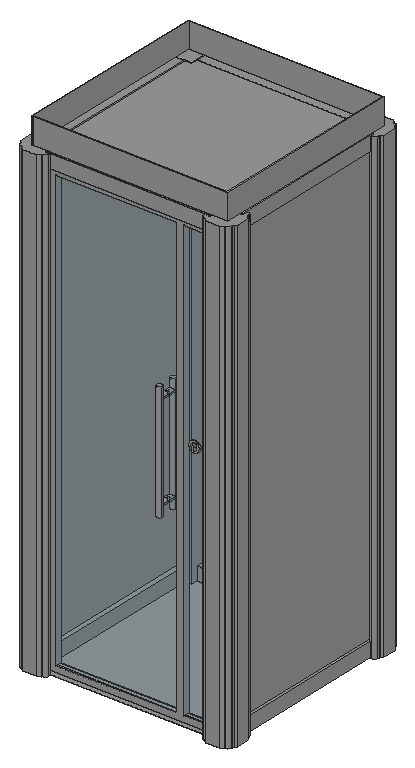
Revit family "Phone Booth", category Furniture, Revit 2019
Family settings
  OmniClass Number = 23.40.20.00
  OmniClass Title = General Furniture and Specialties
  Work Plane-Based = No
  Always vertical = Yes
  Cut with Voids When Loaded = No
  Shared = No
  Room Calculation Point = No
Parameters (values of type "Half Glazed")
  URL = "www.gof.co.uk"
  Range = "SCREENS & PODS"
  Product Data Specification = ""
  Product Code = "MHPB1010HG"
  Product Brochure = ""
  Model = "MIRAGE HAZE"
  Manufacturer = "Gresham Office Furniture"  # constant formula
  Lights = Gresham -LIGHT
  Handle = Gresham - CHROME METAL
  Panels = Glass
  Front Panels = Glass
  Frame = Gresham - WHITE  METAL
  Floor = Carpet, Berber, Grey Stripes
  Feet = Gresham - BLACK PLASTIC
  Fabric Panels = GABRIEL Byron_02101
  Ceiling Cover [instance] = yes
  Ceiling = Gresham - WHITE MFC
Reference planes
  plane 1 "Center (Front/Back)": y = 0
  plane 2: z = 0
  plane 3 "Center (Left/Right)": x = 0
  plane 4 "Foot": z = 20
  plane 5: z = 875
  plane 6 "top": z = 2220
  plane 7: x = -510
  plane 8: x = 510
  plane 9: y = -981.27
Forms (mm)
  Extrusion 1, solid, material "Gresham - WHITE  METAL" <- "Frame"
    sketch origin (472.5, 0, 20) x (0, -1, 0) y (1, 0, 0)
      loop
        line (-38.73, -73.196) -> (-28.846, -85.401) -> (-28.846, -89.208) -> (-25.039, -89.208) -> (-25.039, -92.219)
        arc (-25.039, -92.219) -> (-20.632, -102.839) -> (-10.011, -107.246) r 15
        line (-10.011, -107.246) -> (0, -107.246) -> (0, -87.469) -> (86.25, -87.469) -> (86.25, -1.219) -> (105.311, -1.219) -> (105.311, 5.771) -> (105.311, 8.781)
        arc (105.311, 8.781) -> (100.904, 19.402) -> (90.272, 23.781) r 15
        line (90.272, 23.781) -> (87.273, 23.781) -> (87.273, 28.797) -> (82.735, 28.797) -> (71.988, 37.5) -> (9.012, 37.5) -> (-3.194, 27.616) -> (-7.001, 27.616) -> (-7.001, 23.781) -> (-10, 23.781)
        arc (-10, 23.781) -> (-20.632, 19.402) -> (-25.039, 8.781) r 15
        line (-25.039, 8.781) -> (-25.039, 5.771) -> (-28.846, 5.771) -> (-28.846, 1.964) -> (-38.73, -10.242) -> (-38.73, -73.196)
      loop
        line (-38.73, -871.804) -> (-38.73, -934.758) -> (-28.846, -946.964) -> (-28.846, -950.771) -> (-25.039, -950.771) -> (-25.039, -953.781)
        arc (-25.039, -953.781) -> (-20.632, -964.402) -> (-10, -968.781) r 15
        line (-10, -968.781) -> (-7.001, -968.781) -> (-7.001, -972.616) -> (-3.194, -972.616) -> (9.012, -982.5) -> (71.988, -982.5) -> (84.194, -972.616) -> (87.273, -972.616) -> (87.273, -968.781) -> (90.272, -968.781)
        arc (90.272, -968.781) -> (100.904, -964.402) -> (105.311, -953.781) r 15
        line (105.311, -953.781) -> (105.311, -950.771) -> (105.311, -943.781) -> (86.25, -943.781) -> (86.25, -857.531) -> (0, -857.531) -> (0, -837.754) -> (-10.011, -837.754)
        arc (-10.011, -837.754) -> (-20.632, -842.161) -> (-25.039, -852.781) r 15
        line (-25.039, -852.781) -> (-25.039, -855.792) -> (-28.846, -855.792) -> (-28.846, -859.599) -> (-38.73, -871.804)
      loop
        line (981.27, -73.196) -> (981.27, -10.242) -> (971.386, 1.964) -> (971.386, 5.771) -> (967.579, 5.771) -> (967.579, 8.781)
        arc (967.579, 8.781) -> (963.172, 19.402) -> (952.54, 23.781) r 15
        line (952.54, 23.781) -> (949.541, 23.781) -> (949.541, 27.616) -> (945.734, 27.616) -> (933.528, 37.5) -> (870.552, 37.5) -> (858.346, 27.616) -> (855.267, 27.616) -> (855.267, 23.781) -> (852.268, 23.781)
        arc (852.268, 23.781) -> (841.636, 19.402) -> (837.229, 8.781) r 15
        line (837.229, 8.781) -> (837.229, 5.771) -> (837.229, -1.219) -> (856.29, -1.219) -> (856.29, -87.469) -> (942.54, -87.469) -> (942.54, -107.246) -> (952.551, -107.246)
        arc (952.551, -107.246) -> (963.172, -102.839) -> (967.579, -92.219) r 15
        line (967.579, -92.219) -> (967.579, -89.208) -> (971.386, -89.208) -> (971.386, -85.401) -> (981.27, -73.196)
      loop
        line (981.27, -871.804) -> (971.386, -859.599) -> (971.386, -855.792) -> (967.579, -855.792) -> (967.579, -852.781)
        arc (967.579, -852.781) -> (963.172, -842.161) -> (952.551, -837.754) r 15
        line (952.551, -837.754) -> (942.54, -837.754) -> (942.54, -857.531) -> (856.29, -857.531) -> (856.29, -943.781) -> (837.229, -943.781) -> (837.229, -950.771) -> (837.229, -953.781)
        arc (837.229, -953.781) -> (841.636, -964.402) -> (852.268, -968.781) r 15
        line (852.268, -968.781) -> (855.267, -968.781) -> (855.267, -972.616) -> (858.346, -972.616) -> (870.552, -982.5) -> (933.528, -982.5) -> (945.734, -972.616) -> (949.541, -972.616) -> (949.541, -968.781) -> (952.54, -968.781)
        arc (952.54, -968.781) -> (963.172, -964.402) -> (967.579, -953.781) r 15
        line (967.579, -953.781) -> (967.579, -950.771) -> (971.386, -950.771) -> (971.386, -946.964) -> (981.27, -934.758) -> (981.27, -871.804)
    from 0 to 2200
  Extrusion 2, solid, material "Gresham - WHITE  METAL" <- "Frame"
    sketch origin (0, 0, 0) x (1, 0, 0) y (0, 0, 1)
      loop
        line (385.031, 20) -> (385.031, 85) -> (-385.031, 85) -> (-385.031, 20) -> (385.031, 20)
      loop
        line (385.031, 2220) -> (-385.031, 2220) -> (-385.031, 2155) -> (385.031, 2155) -> (385.031, 2220)
    from 0 to 55
  Extrusion 3, solid, material "Gresham - WHITE MFC" <- "Ceiling"
    sketch origin (0, 0, 17.517) x (1, 0, 0) y (0, 1, 0)
      loop
        line (-385.031, -55) -> (-385.031, -86.25) -> (-416.27, -86.25) -> (-416.27, -856.279) -> (-385.031, -856.279) -> (-385.031, -887.529) -> (385.031, -887.529) -> (385.031, -856.279) -> (416.27, -856.279) -> (416.27, -86.25) -> (385.031, -86.25) -> (385.031, -55) -> (-385.031, -55)
    from 2182.483 to 2202.483
  Extrusion 4, solid, material "Carpet, Berber, Grey Stripes" <- "Floor"
    sketch origin (0, 0, -1292.483) x (1, 0, 0) y (0, 1, 0)
      loop
        line (-385.031, -55) -> (-385.031, -86.25) -> (-416.27, -86.25) -> (-416.27, -856.279) -> (-385.031, -856.279) -> (-385.031, -887.529) -> (385.031, -887.529) -> (385.031, -856.279) -> (416.27, -856.279) -> (416.27, -86.25) -> (385.031, -86.25) -> (385.031, -55) -> (-385.031, -55)
    from 1302.483 to 1312.483
  Extrusion 5, solid, material "Gresham - WHITE  METAL" <- "Frame", visible <- "Ceiling Cover"
    sketch origin (0, 0, 2220) x (0, -1, 0) y (1, 0, 0)
      loop
        line (11.27, 460) -> (11.27, -460) -> (931.259, -460) -> (931.259, 460) -> (11.27, 460)
      loop
        line (14.27, 457) -> (14.27, -457) -> (928.259, -457) -> (928.259, 457) -> (14.27, 457)
    from 0 to 120
  Revolve 6, solid, material "Gresham - BLACK PLASTIC" <- "Feet"
    sketch origin (-511.525, -40.5, 0) x (1, 0, 0) y (0, 0, 1)
      loop
        line (942.306, 20) -> (942.306, 0) -> (961.49, 0) -> (961.49, 5) -> (952.49, 7.197) -> (952.49, 16.197) -> (945.772, 16.197) -> (945.772, 20) -> (942.306, 20)
      axis (942.306, 20) -> (942.306, 0)
    angle from 0 to 360
  Extrusion 7, solid, material "GABRIEL Byron_02101" <- "Fabric Panels"
    sketch origin (69.122, 0.023, 0) x (1, 0, 0) y (0, 1, 0)
      loop
        line (315.909, -17.409) -> (-454.154, -17.409) -> (-454.154, -27.409) -> (315.909, -27.409) -> (315.909, -17.409)
    from 85 to 2155
  Revolve 8, solid, material "Gresham - BLACK PLASTIC" <- "Feet"
    sketch origin (511.525, -40.5, 0) x (-1, 0, 0) y (0, 0, -1)
      loop
        line (942.306, -20) -> (945.772, -20) -> (945.772, -16.197) -> (952.49, -16.197) -> (952.49, -7.197) -> (961.49, -5) -> (961.49, 0) -> (942.306, 0) -> (942.306, -20)
      axis (942.306, -20) -> (942.306, 0)
    angle from 0 to 360
  Extrusion 9, solid, material "Gresham - WHITE  METAL" <- "Frame"
    sketch origin (-471.281, -971.259, 0) x (0, 1, 0) y (0, 0, 1)
      loop
        line (885.02, 20) -> (885.02, 85) -> (114.969, 85) -> (114.969, 20) -> (885.02, 20)
      loop
        line (885.02, 2220) -> (114.969, 2220) -> (114.969, 2155) -> (885.02, 2155) -> (885.02, 2220)
    from 0 to 55
  Extrusion 10, solid, material "GABRIEL Byron_02101" <- "Fabric Panels"
    sketch origin (-470.599, -1039.676, 0) x (0, -1, 0) y (1, 0, 0)
      loop
        line (-183.386, 17.409) -> (-183.386, 27.409) -> (-953.426, 27.409) -> (-953.426, 17.409) -> (-183.386, 17.409)
    from 85 to 2155
  Extrusion 11, solid, material "Gresham - WHITE  METAL" <- "Frame"
    sketch origin (471.281, -971.259, 0) x (0, 1, 0) y (0, 0, -1)
      loop
        line (885.02, -20) -> (114.969, -20) -> (114.969, -85) -> (885.02, -85) -> (885.02, -20)
      loop
        line (885.02, -2220) -> (885.02, -2155) -> (114.969, -2155) -> (114.969, -2220) -> (885.02, -2220)
    from 0 to 55
  Extrusion 12, solid, material "GABRIEL Byron_02101" <- "Fabric Panels"
    sketch origin (470.599, -1039.676, 0) x (0, -1, 0) y (1, 0, 0)
      loop
        line (-183.386, -17.409) -> (-953.426, -17.409) -> (-953.426, -27.409) -> (-183.386, -27.409) -> (-183.386, -17.409)
    from 85 to 2155
  Extrusion 13, solid, material "Gresham -LIGHT" <- "Lights"
    sketch origin (-568.352, -68.346, 2200) x (0, 1, 0) y (1, 0, 0)
      loop
        line (-252.918, 718.352) -> (-552.918, 718.352) -> (-552.918, 418.352) -> (-252.918, 418.352) -> (-252.918, 718.352)
    from 0 to 5
  Extrusion 14, solid, material "Gresham - WHITE  METAL" <- "Frame"
    sketch origin (-485.009, 1000, 10) x (1, 0, 0) y (0, 0, 1)
      loop
        line (870.04, 13) -> (99.977, 13) -> (99.977, 10) -> (870.04, 10) -> (870.04, 13)
    from 1942.54 to 1887.54
  Extrusion 15, solid, material "Gresham - WHITE  METAL" <- "Frame"
    sketch origin (0, -942.529, 0) x (1, 0, 0) y (0, 0, -1)
      loop
        line (385.031, -2220) -> (385.031, -2155) -> (-385.031, -2155) -> (-385.031, -2220) -> (385.031, -2220)
    from 0 to 55
  Revolve 16, solid, material "Gresham - BLACK PLASTIC" <- "Feet"
    sketch origin (-511.525, -902.029, 0) x (1, 0, 0) y (0, 0, -1)
      loop
        line (942.306, -20) -> (945.772, -20) -> (945.772, -16.197) -> (952.49, -16.197) -> (952.49, -7.197) -> (961.49, -5) -> (961.49, 0) -> (942.306, 0) -> (942.306, -20)
      axis (942.306, -20) -> (942.306, 0)
    angle from 0 to 360
  Revolve 17, solid, material "Gresham - BLACK PLASTIC" <- "Feet"
    sketch origin (511.525, -902.029, 0) x (-1, 0, 0) y (0, 0, 1)
      loop
        line (942.306, 20) -> (942.306, 0) -> (961.49, 0) -> (961.49, 5) -> (952.49, 7.197) -> (952.49, 16.197) -> (945.772, 16.197) -> (945.772, 20) -> (942.306, 20)
      axis (942.306, 20) -> (942.306, 0)
    angle from 0 to 360
Dimensions and locks
  locked: plane 4 "Foot" to plane 2 at 20
  plane 5 to level = 875 mm
  plane 6 "top" to level = 2220 mm
  locked: Extrusion 7 to Extrusion 7 at 10
  locked: Extrusion 10 to Extrusion 10 at 10
  locked: Extrusion 12 to Extrusion 12 at 10
  locked: Extrusion 13 to Extrusion 13 at 300  (x2)
  aligned and locked: level to plane 2
Nested families
  nested 1: "Phone Booth Glass Door" at (-57.469, -905.264, 0), type "Phone Booth Glass Door"
Definition of nested family "Phone Booth Glass Door"
  Parameters (values of type "Phone Booth Glass Door")
    URL = "www.gof.co.uk"
    Range = "SCREENS & PODS"
    Product Data Specification = ""
    Product Code = ""
    Product Brochure = ""
    Model = "MIRAGE HAZE"
    Manufacturer = "Gresham Office Furniture"  # constant formula
    Handle = none
    Panels [instance] = none
    Frame = none
    Door Width = 885 mm
  Reference planes
    plane 1 "Center (Front/Back)": y = 0
    plane 2: z = 0
    plane 3 "Center (Left/Right)": x = 57.5
    plane 4 "Foot": z = 23
    plane 5: z = 875
    plane 6: x = -327.5
    plane 7: x = 442.5
  Forms (mm)
    Extrusion 1, solid, material <- "Panels"
      sketch origin (360.862, -24.249, 0) x (1, 0, 0) y (0, 1, 0)
        loop
          line (-88.362, 14.909) -> (-88.362, 29.909) -> (-658.362, 29.909) -> (-658.362, 14.909) -> (-88.362, 14.909)
      from 53 to 2125
    Extrusion 2, solid, material <- "Handle"
      sketch origin (205.23, 1365.322, 3203.095) x (1, 0, 0) y (0, 0, 1)
        loop
          circle (5.27, -1828.095) r 12
      from 1359.662 to 1327.629
    Extrusion 3, solid, material <- "Handle"
      sketch origin (205.23, 1866.254, 0) x (1, 0, 0) y (0, 1, 0)
        loop
          circle (5.27, -1828.095) r 12
      from 875 to 1425
    Extrusion 4, solid, material <- "Handle"
      sketch origin (205.23, 1365.322, -903.095) x (1, 0, 0) y (0, 0, 1)
        loop
          circle (5.27, 1828.095) r 12
      from 1359.662 to 1327.629
    Extrusion 5, solid, material <- "Handle", not visible
      sketch origin (0, -503.003, 3203.095) x (1, 0, 0) y (0, 0, 1)
        loop
          circle (5.27, -1828.095) r 12
      from 1359.662 to 1327.629
    Extrusion 6, solid, material <- "Handle", not visible
      sketch origin (0, -2.07, 0) x (1, 0, 0) y (0, 1, 0)
        loop
          circle (5.27, -1828.095) r 12
      from 875 to 1425
    Extrusion 7, solid, material <- "Handle", not visible
      sketch origin (0, -503.003, -903.095) x (1, 0, 0) y (0, 0, 1)
        loop
          circle (5.27, 1828.095) r 12
      from 1359.662 to 1327.629
    Extrusion 8, solid, material <- "Handle"
      sketch origin (215.77, -1369.003, 3203.095) x (-1, 0, 0) y (0, 0, 1)
        loop
          circle (5.27, -1828.095) r 12
      from 1359.662 to 1327.629
    Extrusion 9, solid, material <- "Handle"
      sketch origin (215.77, -1869.935, 0) x (-1, 0, 0) y (0, -1, 0)
        loop
          circle (5.27, -1828.095) r 12
      from 875 to 1425
    Extrusion 10, solid, material <- "Handle"
      sketch origin (215.77, -1369.003, -903.095) x (-1, 0, 0) y (0, 0, 1)
        loop
          circle (5.27, 1828.095) r 12
      from 1359.662 to 1327.629
    Extrusion 11, solid, material <- "Frame"
      sketch origin (-433.76, 1667.711, 0) x (1, 0, 0) y (0, 0, 1)
        loop
          line (106.26, 2155) -> (106.26, 23) -> (876.26, 23) -> (876.26, 2155) -> (106.26, 2155)
        loop
          line (136.26, 2125) -> (136.26, 53) -> (706.26, 53) -> (706.26, 2125) -> (136.26, 2125)
        loop
          line (736.26, 2125) -> (736.26, 53) -> (866.26, 53) -> (866.26, 2125) -> (736.26, 2125)
      from 1652.711 to 1682.711
    Extrusion 12, solid, material <- "Panels"
      sketch origin (-64.096, 0, 0) x (1, 0, 0) y (0, 0, 1)
        loop
          line (496.596, 2125) -> (366.596, 2125) -> (366.596, 53) -> (496.596, 53) -> (496.596, 2125)
      from -5.659 to 9.341
    Extrusion 13, solid, material <- "Handle"
      sketch origin (-65.45, -9.341, 77.846) x (1, 0, 0) y (0, 0, 1)
        loop
          circle (418.036, 1126.05) r 25
      from 0 to 5
    Extrusion 14, solid, material <- "Handle"
      sketch origin (-65.45, -14.341, 77.846) x (1, 0, 0) y (0, 0, 1)
        loop
          arc (423.036, 1129.21) -> (418.036, 1142.3) -> (413.036, 1129.21) r 7.5
          line (413.036, 1129.21) -> (413.036, 1109.8) -> (423.036, 1109.8) -> (423.036, 1129.21)
      from 0 to 10
  Dimensions and locks
    locked: plane 4 "Foot" to plane 2 at 23
    locked: plane 5 to level at 875
    locked: Extrusion 3 to Extrusion 3 at 550
    locked: Extrusion 3 to Extrusion 2 at 50
    locked: Extrusion 4 to Extrusion 3 at 50
    locked: Extrusion 1 to Extrusion 1 at 15
    locked: Extrusion 9 to Extrusion 8 at 50
    locked: Extrusion 10 to Extrusion 9 at 50
    locked: Extrusion 11 to Extrusion 11 at 30  (x3)
    locked: Extrusion 12 to Extrusion 12 at 130
    locked: Extrusion 2 to plane 7 at 220
    locked: Extrusion 8 to plane 7 at 220
    locked: Extrusion 11 to Extrusion 11 at 10
    equal spacing: plane 6, plane 3 "Center (Left/Right)", plane 7
    aligned and locked: level to plane 2
    aligned and locked: Extrusion 11 to plane 7
    aligned and locked: Extrusion 12 to Extrusion 11
  Automatic sketch dimensions
    Extrusion 1 sketch curve to plane 1 "Center (Front/Back)" = 9.341 mm
    Extrusion 1 sketch curve to plane 6 = 30 mm
    plane 1 "Center (Front/Back)" to Extrusion 1 sketch curve = 5.659 mm
    Extrusion 1 sketch curve to plane 7 = 170 mm
    Extrusion 11 sketch curve to plane 4 "Foot" = 0 mm
    Extrusion 11 sketch curve to plane 6 = 0 mm
    plane 7 to Extrusion 11 sketch curve = 0 mm
    plane 6 to Extrusion 11 sketch curve = 30 mm
    plane 7 to Extrusion 11 sketch curve = 170 mm
    Extrusion 11 sketch curve to Extrusion 11 sketch curve = 30 mm  (x2)
    plane 7 to Extrusion 11 sketch curve = 10 mm
    Extrusion 11 sketch curve to plane 4 "Foot" = 30 mm  (x2)
    Extrusion 11 sketch curve to plane 5 = 1250 mm
    Extrusion 11 sketch curve to Extrusion 11 sketch curve = 0 mm
    plane 7 to Extrusion 12 sketch curve = 140 mm
    plane 7 to Extrusion 12 sketch curve = 10 mm
    Extrusion 12 sketch curve to plane 4 "Foot" = 30 mm
    Extrusion 12 sketch curve to plane 5 = 1250 mm
    Extrusion 13 sketch curve to Extrusion 12 = 50.087 mm
    Extrusion 13 sketch curve to Extrusion 12 = 921.104 mm
    Extrusion 14 sketch curve to Extrusion 14 sketch curve = 5 mm  (x2)
    Extrusion 14 sketch curve to Extrusion 14 sketch curve = 19.41 mm
    Extrusion 14 sketch curve to Extrusion 14 sketch curve = 5.59 mm
    radius of Extrusion 13 sketch curve = 25 mm
